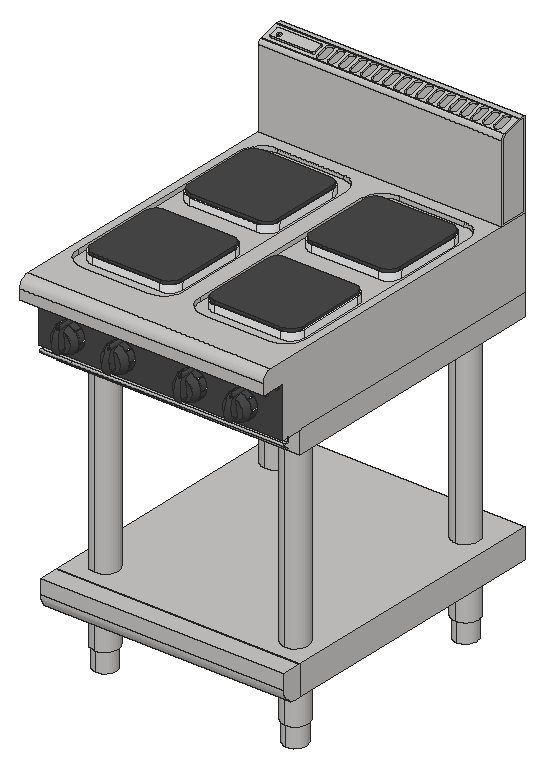
Revit family "QF_Moffat_RNB8400SE-LS_Electric_Cooktops_Sealed_Hobs_cat", category Specialty Equipment, Revit 2019
Family settings
  Round Connector Dimension = Use Diameter
  Part Type = Normal
  Work Plane-Based = No
  Always vertical = Yes
  Cut with Voids When Loaded = No
  Shared = No
  Room Calculation Point = No
Parameters
  Weight in Kilograms = 74
  Watts = 8800 W
  Volts = 400 V
  URL Cutsheet = ""
  Specification by User = ""
  Specification by Manufacturer = ""
  Show Low Back [instance] = no
  Show Logo [instance] = yes
  Show High Back [instance] = not(Show Low Back)  # yes
  Serial Number = ""
  Seismic Rating = ""
  SMACNA No = ""
  Revision Code = ""
  Phase = 2
  Number of Poles = 1
  NAFEM Spec ID Number = ""
  Model = "RNB8400SE-LS"
  Min Ckt Ampacity = 0 A
  Max Overcurrent Protection = 0 A
  Masterspec = ""
  Manufacturer = "Moffat"
  Length = 600 mm
  Item Number = ""
  Installed By = ""
  Identify Quantity as Lot = yes
  Height = 1130 mm
  HP = ""
  Furnished By = ""
  Foodservice Equipment Identifier = yes
  FL Amps = 22 A
  Electrical Remarks = ""
  Electric Connection Type = ""
  Elec Conn RI Height = 0 mm
  Elec Conn Connection Height = 0 mm
  Description = "Electric Cooktops Sealed Hobs"
  Depth = 805 mm
  Cycle = 50 Hz
  Conn Plug = ""
  Conn Conduit = yes
  CSI MasterFormat = ""
  Apparent Power = if(Phase = 3, Volts * FL Amps * 1.73, Volts * FL Amps)  # 8800 VA
Reference planes
  plane 1 "BACK": y = 0
  plane 2: z = 0
  plane 3 "LEFT": x = 0
  plane 4 "RIGHT": x = 600
  plane 5 "FRONT": y = -805
  plane 6 "TOP": z = 1130
  plane 7 "Center Y": x = 300
  plane 8 "Center X": y = -402.5
Dimensions and locks
  equal spacing: plane 3 "LEFT", plane 7 "Center Y", plane 4 "RIGHT"
  "Length": plane 3 "LEFT" to plane 4 "RIGHT"
  equal spacing: plane 5 "FRONT", plane 8 "Center X", plane 1 "BACK"
  "Depth": plane 5 "FRONT" to plane 1 "BACK"
  "Height": plane 6 "TOP" to level
  aligned and locked: level to plane 2
Nested families
  nested 1: "RN8400SE-LS" at (0, 0, 0), type "E514S-LS"
  nested 2: "High and Low Option" at (0, 0, 0), High Back <- "Show High Back", Low Back <- "Show Low Back", Show Logo <- "Show Logo", type "RNLB8610SE"
    with Show Logo 2 yes, Show Logo 1 no, Show Logo yes, Low Back no, High Back yes
Connectors
  electrical at (470, -30, 675), driven by "Volts", driven by "Watts"
    settings: on nested 1, index 1, voltage 400 V, apparent load 8800 VA, apparent load phase1 0 VA, apparent load phase2 0 VA, apparent load phase3 0 VA, power factor 1, load classification "Other", number of poles 1, system type 30, power factor state 1, is connector primary yes, connector utility no, sub classification motor no, connector description "ELECTRICAL CONNECTION"
Definition of nested family "RN8400SE-LS"
  Parameters (values of type "E514S-LS")
    Weight in Kilograms = 110
    URL Cutsheet = ""
    Specification by User = ""
    Specification by Manufacturer = ""
    Serial Number = ""
    Seismic Rating = ""
    SMACNA No = ""
    Revision Code = ""
    NAFEM Spec ID Number = ""
    Model = "RN8400SE-LS"
    Masterspec = ""
    Manufacturer = "Moffat"
    Length = 600 mm
    Item Number = ""
    Installed By = ""
    Identify Quantity as Lot = yes
    Height = 915 mm
    Furnished By = ""
    Foodservice Equipment Identifier = yes
    Description = "Electric Cooktops Sealed Hobs"
    Depth = 805 mm
    CSI MasterFormat = ""
  Reference planes
    plane 1 "BACK": y = 0
    plane 2: z = 0
    plane 3 "LEFT": x = 0
    plane 4 "RIGHT": x = 600
    plane 5 "FRONT": y = -805
    plane 6 "TOP": z = 915
    plane 7 "Center Y": x = 300
    plane 8 "Center X": y = -402.5
    plane 9: x = 65.5
    plane 10: x = 87.5
    plane 11: x = 211.766
    plane 12: y = -30
    plane 13: x = 470
    plane 14: x = 512.5
    plane 15: x = 388.234
    plane 16: x = 534.5
    plane 17: z = 150
    plane 18: y = -100
    plane 19: y = -625
  Forms (mm)
    Extrusion 1, solid
      sketch origin (0, 0, 600) x (0, 1, 0) y (0, 0, 1)
        loop
          line (0, 140) -> (0, 315) -> (-781, 315)
          arc (-781, 315) -> (-797.971, 307.971) -> (-805, 291) r 24
          line (-805, 291) -> (-805, 266) -> (-746.031, 266) -> (-746.031, 140) -> (0, 140)
      from 0 to 600
    Extrusion 2, void
      sketch origin (0, -773.8, 915) x (0, 1, 0) y (-1, 0, 0)
        loop
          arc (673.6, -69) -> (658.955, -33.645) -> (623.6, -19) r 50
          line (623.6, -19) -> (123.399, -19)
          arc (123.399, -19) -> (88.044, -33.645) -> (73.399, -69) r 50
          line (73.399, -69) -> (73.399, -231)
          arc (73.399, -231) -> (88.044, -266.355) -> (123.399, -281) r 50
          line (123.399, -281) -> (623.6, -281)
          arc (623.6, -281) -> (658.955, -266.355) -> (673.6, -231) r 50
          line (673.6, -231) -> (673.6, -69)
        loop
          line (673.6, -531) -> (673.6, -369)
          arc (673.6, -369) -> (658.955, -333.645) -> (623.6, -319) r 50
          line (623.6, -319) -> (123.399, -319)
          arc (123.399, -319) -> (88.044, -333.645) -> (73.399, -369) r 50
          line (73.399, -369) -> (73.399, -531)
          arc (73.399, -531) -> (88.044, -566.355) -> (123.399, -581) r 50
          line (123.399, -581) -> (623.6, -581)
          arc (623.6, -581) -> (658.955, -566.355) -> (673.6, -531) r 50
      from 0 to -9.5
    Extrusion 3, solid
      sketch origin (0, -773.8, 905.5) x (0, 1, 0) y (-1, 0, 0)
        loop
          arc (635.254, -68) -> (625.881, -45.373) -> (603.254, -36) r 32
          line (603.254, -36) -> (440.337, -36)
          arc (440.337, -36) -> (417.71, -45.373) -> (408.337, -68) r 32
          line (408.337, -68) -> (408.337, -232)
          arc (408.337, -232) -> (417.71, -254.627) -> (440.337, -264) r 32
          line (440.337, -264) -> (603.254, -264)
          arc (603.254, -264) -> (625.881, -254.627) -> (635.254, -232) r 32
          line (635.254, -232) -> (635.254, -68)
        loop
          arc (335.297, -68) -> (325.925, -45.373) -> (303.297, -36) r 32
          line (303.297, -36) -> (140.362, -36)
          arc (140.362, -36) -> (117.734, -45.373) -> (108.362, -68) r 32
          line (108.362, -68) -> (108.362, -232)
          arc (108.362, -232) -> (117.734, -254.627) -> (140.362, -264) r 32
          line (140.362, -264) -> (303.297, -264)
          arc (303.297, -264) -> (325.925, -254.627) -> (335.297, -232) r 32
          line (335.297, -232) -> (335.297, -68)
        loop
          arc (635.246, -368) -> (625.874, -345.373) -> (603.246, -336) r 32
          line (603.246, -336) -> (440.353, -336)
          arc (440.353, -336) -> (417.725, -345.373) -> (408.353, -368) r 32
          line (408.353, -368) -> (408.353, -532)
          arc (408.353, -532) -> (417.725, -554.627) -> (440.353, -564) r 32
          line (440.353, -564) -> (603.246, -564)
          arc (603.246, -564) -> (625.874, -554.627) -> (635.246, -532) r 32
          line (635.246, -532) -> (635.246, -368)
        loop
          arc (335.297, -368) -> (325.925, -345.373) -> (303.297, -336) r 32
          line (303.297, -336) -> (140.362, -336)
          arc (140.362, -336) -> (117.734, -345.373) -> (108.362, -368) r 32
          line (108.362, -368) -> (108.362, -532)
          arc (108.362, -532) -> (117.734, -554.627) -> (140.362, -564) r 32
          line (140.362, -564) -> (303.297, -564)
          arc (303.297, -564) -> (325.925, -554.627) -> (335.297, -532) r 32
          line (335.297, -532) -> (335.297, -368)
      from 0 to 17.8
    Extrusion 4, solid
      sketch origin (0, -773.8, 923.3) x (0, 1, 0) y (-1, 0, 0)
        loop
          arc (631.8, -67) -> (623.892, -47.908) -> (604.8, -40) r 27
          line (604.8, -40) -> (438.8, -40)
          arc (438.8, -40) -> (419.708, -47.908) -> (411.8, -67) r 27
          line (411.8, -67) -> (411.8, -233)
          arc (411.8, -233) -> (419.708, -252.092) -> (438.8, -260) r 27
          line (438.8, -260) -> (604.8, -260)
          arc (604.8, -260) -> (623.892, -252.092) -> (631.8, -233) r 27
          line (631.8, -233) -> (631.8, -67)
        loop
          arc (331.8, -67) -> (323.892, -47.908) -> (304.8, -40) r 27
          line (304.8, -40) -> (138.8, -40)
          arc (138.8, -40) -> (119.708, -47.908) -> (111.8, -67) r 27
          line (111.8, -67) -> (111.8, -233)
          arc (111.8, -233) -> (119.708, -252.092) -> (138.8, -260) r 27
          line (138.8, -260) -> (304.8, -260)
          arc (304.8, -260) -> (323.892, -252.092) -> (331.8, -233) r 27
          line (331.8, -233) -> (331.8, -67)
        loop
          line (631.8, -533) -> (631.8, -367)
          arc (631.8, -367) -> (623.892, -347.908) -> (604.8, -340) r 27
          line (604.8, -340) -> (438.8, -340)
          arc (438.8, -340) -> (419.708, -347.908) -> (411.8, -367) r 27
          line (411.8, -367) -> (411.8, -533)
          arc (411.8, -533) -> (419.708, -552.092) -> (438.8, -560) r 27
          line (438.8, -560) -> (604.8, -560)
          arc (604.8, -560) -> (623.892, -552.092) -> (631.8, -533) r 27
        loop
          line (331.8, -533) -> (331.8, -367)
          arc (331.8, -367) -> (323.892, -347.908) -> (304.8, -340) r 27
          line (304.8, -340) -> (138.8, -340)
          arc (138.8, -340) -> (119.708, -347.908) -> (111.8, -367) r 27
          line (111.8, -367) -> (111.8, -533)
          arc (111.8, -533) -> (119.708, -552.092) -> (138.8, -560) r 27
          line (138.8, -560) -> (304.8, -560)
          arc (304.8, -560) -> (323.892, -552.092) -> (331.8, -533) r 27
      from 0 to 6.1
    Extrusion 5, solid
      sketch origin (0, 0, 600) x (0, 1, 0) y (0, 0, 1)
        loop
          line (-691.8, 85) -> (0, 85) -> (0, 140) -> (-691.8, 140) -> (-691.8, 85)
      from 0 to 600
    Extrusion 6, solid
      sketch origin (0, 0, 600) x (0, 1, 0) y (0, 0, 1)
        loop
          line (-730.6, 140) -> (-730.6, 130) -> (-740.105, 130)
          arc (-740.105, 130) -> (-743.076, 128.015) -> (-742.379, 124.511) r 3.215
          line (-742.379, 124.511) -> (-731.85, 113.982) -> (-730.719, 115.113) -> (-741.247, 125.642)
          arc (-741.247, 125.642) -> (-741.597, 127.403) -> (-740.105, 128.4) r 1.615
          line (-740.105, 128.4) -> (-729, 128.4) -> (-729, 140) -> (-730.6, 140)
      from 0 to 600
    Extrusion 7, solid
      sketch origin (300, 175.397, 1819.2) x (0, 1, 0) y (0, 0, 1)
        loop
          line (-867.197, -1109.2) -> (-889.234, -1109.2)
          arc (-889.234, -1109.2) -> (-890.834, -1110.8) -> (-889.234, -1112.4) r 1.6
          line (-889.234, -1112.4) -> (-867.197, -1112.4) -> (-867.197, -1109.2)
      from -250 to 250
    Extrusion 8, solid
      sketch origin (0, -746.031, 730) x (0, 0, 1) y (-1, 0, 0)
        loop
          circle (101.3, -432.5) r 7.15
        loop
          circle (101.3, -557.5) r 7.15
        loop
          circle (101.3, -131.766) r 7.15
        loop
          circle (101.3, -256.766) r 7.15
      from 0 to 1.6
    Extrusion 9, solid
      sketch origin (0, -746.031, 740) x (0, 0, 1) y (-1, 0, 0)
        loop
          circle (113.843, -13.157) r 5
        loop
          circle (113.843, -586.843) r 5
      from 0 to 1.6
    Extrusion 10, solid
      sketch origin (-6096, 287.266, 675) x (0, 1, 0) y (-1, 0, 0)
        loop
          circle (-317.266, -6566) r 6.35
      from 10 to 0
    Extrusion 11, solid
      sketch origin (0, 0, 0) x (0, 1, 0) y (0, 0, 1)
        loop
          line (-741.8, 222.5) -> (-741.8, 186)
          arc (-741.8, 186) -> (-731.256, 160.544) -> (-705.8, 150) r 36
          line (-705.8, 150) -> (-691.8, 150) -> (-691.8, 222.5) -> (-741.8, 222.5)
      from 0 to 600
    Revolve 12, solid
      sketch origin (65.5, -4572, -304.8) x (0, 0, -1) y (0, -1, 0)
        loop
          line (-304.8, -3947) -> (-989.8, -3947) -> (-989.8, -3978.75) -> (-354.8, -3978.75) -> (-354.8, -3974.5) -> (-304.8, -3974.5) -> (-304.8, -3947)
        axis (-989.8, -3947) -> (-304.8, -3947)
      angle from 0 to 360
    Revolve 13, solid
      sketch origin (534.5, -4572, -304.8) x (0, 0, -1) y (0, 1, 0)
        loop
          line (-304.8, 3947) -> (-304.8, 3974.5) -> (-354.8, 3974.5) -> (-354.8, 3978.75) -> (-989.8, 3978.75) -> (-989.8, 3947) -> (-304.8, 3947)
        axis (-989.8, 3947) -> (-304.8, 3947)
      angle from 0 to 360
    Extrusion 14, solid
      sketch origin (0, 0, 0) x (0, 1, 0) y (0, 0, 1)
        loop
          line (-691.8, 222.5) -> (-691.8, 150) -> (0, 150) -> (0, 222.5) -> (-691.8, 222.5)
      from 0 to 600
    Revolve 15, solid
      sketch origin (65.5, 3847, -304.8) x (0, 0, -1) y (0, -1, 0)
        loop
          line (-304.8, 3947) -> (-304.8, 3974.5) -> (-354.8, 3974.5) -> (-354.8, 3978.75) -> (-989.8, 3978.75) -> (-989.8, 3947) -> (-304.8, 3947)
        axis (-989.8, 3947) -> (-304.8, 3947)
      angle from 0 to 360
    Revolve 16, solid
      sketch origin (534.5, 3847, -304.8) x (0, 0, -1) y (0, 1, 0)
        loop
          line (-304.8, -3947) -> (-989.8, -3947) -> (-989.8, -3978.75) -> (-354.8, -3978.75) -> (-354.8, -3974.5) -> (-304.8, -3974.5) -> (-304.8, -3947)
        axis (-989.8, -3947) -> (-304.8, -3947)
      angle from 0 to 360
  Cuts and joins
    Extrusion 2 cuts Extrusion 1
    joined: Extrusion 5, Extrusion 11
    joined: Revolve 12, Revolve 13, Extrusion 14, Revolve 15, Revolve 16
  Lines and regions (mm)
    symbolic lines
      curve 1: line (0, 0, 0) -> (600, 0, 0)
      curve 2: line (0, -805, 0) -> (0, 0, 0)
      curve 3: line (600, -805, 0) -> (0, -805, 0)
      curve 4: line (600, 0, 0) -> (600, -805, 0)
      curve 5: arc (69, -700.401, 0) -> (33.645, -685.756, 0) -> (19, -650.401, 0) r 50
      curve 6: line (19, -650.401, 0) -> (19, -150.2, 0)
      curve 7: arc (19, -150.2, 0) -> (33.645, -114.845, 0) -> (69, -100.2, 0) r 50
      curve 8: line (69, -100.2, 0) -> (231, -100.2, 0)
      curve 9: arc (231, -100.2, 0) -> (266.355, -114.845, 0) -> (281, -150.2, 0) r 50
      curve 10: line (281, -150.2, 0) -> (281, -650.401, 0)
      curve 11: arc (281, -650.401, 0) -> (266.355, -685.756, 0) -> (231, -700.401, 0) r 50
      curve 12: line (231, -700.401, 0) -> (69, -700.401, 0)
      curve 13: arc (369, -700.401, 0) -> (333.645, -685.756, 0) -> (319, -650.401, 0) r 50
      curve 14: line (319, -650.401, 0) -> (319, -150.2, 0)
      curve 15: arc (319, -150.2, 0) -> (333.645, -114.845, 0) -> (369, -100.2, 0) r 50
      curve 16: line (369, -100.2, 0) -> (531, -100.2, 0)
      curve 17: arc (531, -100.2, 0) -> (566.355, -114.845, 0) -> (581, -150.2, 0) r 50
      curve 18: line (581, -150.2, 0) -> (581, -650.401, 0)
      curve 19: arc (581, -650.401, 0) -> (566.355, -685.756, 0) -> (531, -700.401, 0) r 50
      curve 20: line (531, -700.401, 0) -> (369, -700.401, 0)
      curve 21: arc (232, -665.438, 0) -> (254.627, -656.066, 0) -> (264, -633.438, 0) r 32
      curve 22: line (264, -633.438, 0) -> (264, -470.503, 0)
      curve 23: arc (264, -470.503, 0) -> (254.627, -447.875, 0) -> (232, -438.503, 0) r 32
      curve 24: line (232, -438.503, 0) -> (68, -438.503, 0)
      curve 25: arc (68, -438.503, 0) -> (45.373, -447.875, 0) -> (36, -470.503, 0) r 32
      curve 26: line (36, -470.503, 0) -> (36, -633.438, 0)
      curve 27: arc (36, -633.438, 0) -> (45.373, -656.066, 0) -> (68, -665.438, 0) r 32
      curve 28: line (68, -665.438, 0) -> (232, -665.438, 0)
      curve 29: arc (233, -662, 0) -> (252.092, -654.092, 0) -> (260, -635, 0) r 27
      curve 30: line (260, -635, 0) -> (260, -469, 0)
      curve 31: arc (260, -469, 0) -> (252.092, -449.908, 0) -> (233, -442, 0) r 27
      curve 32: line (233, -442, 0) -> (67, -442, 0)
      curve 33: arc (67, -442, 0) -> (47.908, -449.908, 0) -> (40, -469, 0) r 27
      curve 34: line (40, -469, 0) -> (40, -635, 0)
      curve 35: arc (40, -635, 0) -> (47.908, -654.092, 0) -> (67, -662, 0) r 27
      curve 36: line (67, -662, 0) -> (233, -662, 0)
      curve 37: arc (336, -633.438, 0) -> (345.373, -656.066, 0) -> (368, -665.438, 0) r 32
      curve 38: line (368, -665.438, 0) -> (532, -665.438, 0)
      curve 39: arc (532, -665.438, 0) -> (554.627, -656.066, 0) -> (564, -633.438, 0) r 32
      curve 40: line (564, -633.438, 0) -> (564, -470.503, 0)
      curve 41: arc (564, -470.503, 0) -> (554.627, -447.875, 0) -> (532, -438.503, 0) r 32
      curve 42: line (532, -438.503, 0) -> (368, -438.503, 0)
      curve 43: arc (368, -438.503, 0) -> (345.373, -447.875, 0) -> (336, -470.503, 0) r 32
      curve 44: line (336, -470.503, 0) -> (336, -633.438, 0)
      curve 45: arc (340, -635, 0) -> (347.908, -654.092, 0) -> (367, -662, 0) r 27
      curve 46: line (367, -662, 0) -> (533, -662, 0)
      curve 47: arc (533, -662, 0) -> (552.092, -654.092, 0) -> (560, -635, 0) r 27
      curve 48: line (560, -635, 0) -> (560, -469, 0)
      curve 49: arc (560, -469, 0) -> (552.092, -449.908, 0) -> (533, -442, 0) r 27
      curve 50: line (533, -442, 0) -> (367, -442, 0)
      curve 51: arc (367, -442, 0) -> (347.908, -449.908, 0) -> (340, -469, 0) r 27
      curve 52: line (340, -469, 0) -> (340, -635, 0)
      curve 53: arc (340, -335, 0) -> (347.908, -354.092, 0) -> (367, -362, 0) r 27
      curve 54: line (367, -362, 0) -> (533, -362, 0)
      curve 55: arc (533, -362, 0) -> (552.092, -354.092, 0) -> (560, -335, 0) r 27
      curve 56: line (560, -335, 0) -> (560, -169, 0)
      curve 57: arc (560, -169, 0) -> (552.092, -149.908, 0) -> (533, -142, 0) r 27
      curve 58: line (533, -142, 0) -> (367, -142, 0)
      curve 59: arc (367, -142, 0) -> (347.908, -149.908, 0) -> (340, -169, 0) r 27
      curve 60: line (340, -169, 0) -> (340, -335, 0)
      curve 61: arc (336, -333.447, 0) -> (345.373, -356.075, 0) -> (368, -365.447, 0) r 32
      curve 62: line (368, -365.447, 0) -> (532, -365.447, 0)
      curve 63: arc (532, -365.447, 0) -> (554.627, -356.075, 0) -> (564, -333.447, 0) r 32
      curve 64: line (564, -333.447, 0) -> (564, -170.554, 0)
      curve 65: arc (564, -170.554, 0) -> (554.627, -147.926, 0) -> (532, -138.554, 0) r 32
      curve 66: line (532, -138.554, 0) -> (368, -138.554, 0)
      curve 67: arc (368, -138.554, 0) -> (345.373, -147.926, 0) -> (336, -170.554, 0) r 32
      curve 68: line (336, -170.554, 0) -> (336, -333.447, 0)
      curve 69: arc (232, -365.463, 0) -> (254.627, -356.09, 0) -> (264, -333.463, 0) r 32
      curve 70: line (264, -333.463, 0) -> (264, -170.546, 0)
      curve 71: arc (264, -170.546, 0) -> (254.627, -147.919, 0) -> (232, -138.546, 0) r 32
      curve 72: line (232, -138.546, 0) -> (68, -138.546, 0)
      curve 73: arc (68, -138.546, 0) -> (45.373, -147.919, 0) -> (36, -170.546, 0) r 32
      curve 74: line (36, -170.546, 0) -> (36, -333.463, 0)
      curve 75: arc (36, -333.463, 0) -> (45.373, -356.09, 0) -> (68, -365.463, 0) r 32
      curve 76: line (68, -365.463, 0) -> (232, -365.463, 0)
      curve 77: arc (233, -362, 0) -> (252.092, -354.092, 0) -> (260, -335, 0) r 27
      curve 78: line (260, -335, 0) -> (260, -169, 0)
      curve 79: arc (260, -169, 0) -> (252.092, -149.908, 0) -> (233, -142, 0) r 27
      curve 80: line (233, -142, 0) -> (67, -142, 0)
      curve 81: arc (67, -142, 0) -> (47.908, -149.908, 0) -> (40, -169, 0) r 27
      curve 82: line (40, -169, 0) -> (40, -335, 0)
      curve 83: arc (40, -335, 0) -> (47.908, -354.092, 0) -> (67, -362, 0) r 27
      curve 84: line (67, -362, 0) -> (233, -362, 0)
  Dimensions and locks
    equal spacing: plane 3 "LEFT", plane 7 "Center Y", plane 4 "RIGHT"
    "Length": plane 3 "LEFT" to plane 4 "RIGHT"
    equal spacing: plane 5 "FRONT", plane 8 "Center X", plane 1 "BACK"
    "Depth": plane 5 "FRONT" to plane 1 "BACK"
    plane 4 "RIGHT" to plane 3 "LEFT" = 600 mm
    plane 1 "BACK" to plane 5 "FRONT" = 805 mm
    plane 6 "TOP" to plane 2 = 915 mm
    cut or joined group of Extrusion 1, Extrusion 2 to plane 2 = 915 mm
    plane 13 to plane 4 "RIGHT" = 130 mm
    plane 9 to plane 16 = 469 mm
    plane 17 to plane 2 = 150 mm
    plane 1 "BACK" to plane 18 = 100 mm
    plane 18 to plane 19 = 525 mm
    plane 1 "BACK" to plane 12 = 30 mm
    "Height": plane 6 "TOP" to level
    aligned and locked: level to plane 2
  Automatic sketch dimensions
    Extrusion 1 to Extrusion 2 sketch curve = 19 mm
    Extrusion 2 sketch curve to Extrusion 2 sketch curve = 50 mm  (x6)
    Extrusion 2 sketch curve to Extrusion 2 sketch curve = 0 mm  (x2)
    Extrusion 2 sketch curve to Extrusion 2 sketch curve = 162 mm
    Extrusion 2 sketch curve to Extrusion 2 sketch curve = 38 mm
    Extrusion 1 to Extrusion 2 sketch curve = 69 mm
    Extrusion 3 sketch curve to Extrusion 2 = 34.962 mm  (x2)
    Extrusion 3 sketch curve to Extrusion 3 sketch curve = 32 mm  (x13)
    Extrusion 3 sketch curve to Extrusion 2 = 17 mm  (x6)
    Extrusion 3 sketch curve to Extrusion 2 = 49 mm  (x3)
    Extrusion 3 sketch curve to Extrusion 3 sketch curve = 162.936 mm  (x2)
    Extrusion 3 sketch curve to Extrusion 3 sketch curve = 73.04 mm
    Extrusion 3 sketch curve to Extrusion 3 sketch curve = 73.055 mm
    Extrusion 3 sketch curve to Extrusion 2 = 70.346 mm  (x2)
    Extrusion 3 sketch curve to Extrusion 2 = 70.354 mm  (x2)
    Extrusion 4 sketch curve to Extrusion 3 = 3.438 mm  (x2)
    Extrusion 4 sketch curve to Extrusion 4 sketch curve = 27 mm  (x6)
    Extrusion 4 sketch curve to Extrusion 3 = 4 mm  (x7)
    Extrusion 4 sketch curve to Extrusion 3 = 30.438 mm
    Extrusion 4 sketch curve to Extrusion 3 = 30.497 mm  (x4)
    Extrusion 4 sketch curve to Extrusion 3 = 3.497 mm  (x2)
    Extrusion 4 sketch curve to Extrusion 3 = 3.463 mm  (x2)
    Extrusion 4 sketch curve to Extrusion 3 = 30.463 mm
    Extrusion 4 sketch curve to Extrusion 3 = 30.454 mm  (x4)
    Extrusion 4 sketch curve to Extrusion 3 = 3.454 mm  (x2)
    Extrusion 4 sketch curve to Extrusion 3 = 31 mm
    Extrusion 5 sketch curve to plane 1 "BACK" = 0 mm
    plane 19 to Extrusion 5 sketch curve = 66.8 mm
    Extrusion 5 sketch curve to Extrusion 5 sketch curve = 55 mm
    Extrusion 6 sketch curve to Extrusion 6 sketch curve = 0 mm  (x3)
    Extrusion 6 sketch curve to plane 5 "FRONT" = 62.621 mm
    Extrusion 6 sketch curve to Extrusion 6 sketch curve = 1.131 mm  (x3)
    Extrusion 6 sketch curve to Extrusion 6 sketch curve = 1.142 mm  (x2)
    Extrusion 6 sketch curve to Extrusion 6 sketch curve = 10.529 mm
    Extrusion 6 sketch curve to Extrusion 6 sketch curve = 9.505 mm
    Extrusion 6 sketch curve to Extrusion 6 sketch curve = 1.6 mm
    Extrusion 6 sketch curve to Extrusion 6 sketch curve = 10 mm
    Extrusion 7 sketch curve to plane 5 "FRONT" = 91.163 mm
    Extrusion 7 sketch curve to Extrusion 7 sketch curve = 22.037 mm
    Extrusion 7 sketch curve to Extrusion 7 sketch curve = 1.6 mm
    Extrusion 1 to Extrusion 8 sketch curve = 34.7 mm  (x4)
    Extrusion 1 to Extrusion 8 sketch curve = 42.5 mm
    Extrusion 8 sketch curve to Extrusion 8 sketch curve = 125 mm  (x2)
    Extrusion 8 sketch curve to Extrusion 8 sketch curve = 175.734 mm
    Extrusion 1 to Extrusion 9 sketch curve = 12.157 mm  (x2)
    Extrusion 1 to Extrusion 9 sketch curve = 13.157 mm  (x2)
    plane 12 to Extrusion 10 sketch curve = 0 mm
    Extrusion 10 sketch curve to plane 13 = 0 mm
    Revolve 12 sketch curve to plane 19 = 0 mm  (x2)
    Revolve 12 sketch curve to level = 0 mm  (x2)
    Revolve 12 sketch curve to Revolve 12 sketch curve = 50 mm
    Revolve 12 sketch curve to plane 19 = 27.5 mm
    Revolve 12 sketch curve to Revolve 12 sketch curve = 31.75 mm
    Revolve 12 sketch curve to Revolve 12 sketch curve = 35 mm
    Revolve 13 sketch curve to plane 19 = 0 mm  (x2)
    Revolve 13 sketch curve to level = 0 mm  (x2)
    level to Revolve 13 sketch curve = 50 mm
    Revolve 13 sketch curve to Revolve 13 sketch curve = 27.5 mm
    Revolve 13 sketch curve to Revolve 13 sketch curve = 31.75 mm
    Revolve 13 sketch curve to Revolve 13 sketch curve = 35 mm
    Extrusion 14 sketch curve to plane 17 = 0 mm
    Extrusion 14 sketch curve to plane 1 "BACK" = 0 mm
    plane 19 to Extrusion 14 sketch curve = 66.8 mm
    Extrusion 14 sketch curve to Extrusion 14 sketch curve = 72.5 mm
    Revolve 15 sketch curve to level = 0 mm  (x2)
    Revolve 15 sketch curve to Revolve 15 sketch curve = 50 mm
    plane 18 to Revolve 15 sketch curve = 0 mm
    Revolve 15 sketch curve to Revolve 15 sketch curve = 27.5 mm
    Revolve 15 sketch curve to Revolve 15 sketch curve = 31.75 mm
    Revolve 15 sketch curve to level = 35 mm
    Revolve 15 sketch curve to Revolve 15 sketch curve = 0 mm
    Revolve 16 sketch curve to level = 0 mm  (x2)
    Revolve 16 sketch curve to Revolve 16 sketch curve = 50 mm
    plane 18 to Revolve 16 sketch curve = 31.75 mm
    Revolve 16 sketch curve to Revolve 16 sketch curve = 4.25 mm
    Revolve 16 sketch curve to Revolve 16 sketch curve = 27.5 mm
    Revolve 16 sketch curve to level = 35 mm
    Revolve 16 sketch curve to Revolve 16 sketch curve = 0 mm
    Extrusion 11 sketch curve to plane 17 = 0 mm
    Extrusion 11 sketch curve to plane 5 "FRONT" = 63.2 mm
    Extrusion 11 sketch curve to Extrusion 11 sketch curve = 14 mm
    Extrusion 11 sketch curve to Extrusion 11 sketch curve = 36 mm
    Extrusion 11 sketch curve to Extrusion 11 sketch curve = 36.5 mm
    Extrusion 2 sketch curve to Extrusion 1 = 130.599 mm
    Extrusion 1 sketch curve to plane 5 "FRONT" = 0 mm
    Extrusion 1 sketch curve to plane 1 "BACK" = 0 mm
    Extrusion 1 sketch curve to plane 5 "FRONT" = 24 mm
    Extrusion 1 sketch curve to plane 5 "FRONT" = 58.969 mm
    Extrusion 1 sketch curve to Extrusion 1 sketch curve = 25 mm
    plane 1 "BACK" to curve 1 = 0 mm
    curve 1 to plane 3 "LEFT" = 0 mm
    curve 4 to plane 4 "RIGHT" = 0 mm
    plane 5 "FRONT" to curve 3 = 0 mm
    plane 3 "LEFT" to curve 6 = 19 mm
    plane 9 to curve 26 = 29.5 mm
    plane 9 to curve 74 = 29.5 mm
    curve 25 to curve 34 = 4 mm
    curve 75 to curve 82 = 4 mm
    curve 83 to plane 9 = 1.5 mm
    curve 32 to plane 9 = 1.5 mm
    curve 36 to plane 9 = 1.5 mm
    curve 81 to plane 9 = 1.5 mm
    curve 72 to plane 9 = 2.5 mm
    curve 28 to plane 9 = 2.5 mm
    curve 76 to plane 9 = 2.5 mm
    curve 33 to curve 25 = 1 mm
    plane 18 to curve 8 = 0.2 mm
    curve 8 to plane 9 = 3.5 mm
    curve 5 to plane 9 = 3.5 mm
    plane 11 to curve 9 = 19.234 mm
    plane 11 to curve 11 = 19.234 mm
    plane 11 to curve 76 = 20.234 mm
    plane 11 to curve 24 = 20.234 mm
    plane 19 to curve 21 = 8.438 mm
    curve 11 to curve 21 = 1 mm
    curve 9 to curve 72 = 1 mm
    curve 69 to curve 77 = 1 mm
    curve 23 to curve 31 = 1 mm
    curve 71 to curve 79 = 1 mm
    curve 21 to curve 36 = 1 mm
    curve 79 to curve 78 = 27 mm
    curve 31 to curve 30 = 27 mm
    curve 78 to curve 70 = 4 mm
    curve 30 to curve 22 = 4 mm
    curve 10 to plane 7 "Center Y" = 19 mm
    plane 7 "Center Y" to curve 14 = 19 mm
    plane 19 to curve 44 = 8.438 mm
    curve 14 to curve 44 = 17 mm
    curve 15 to curve 68 = 17 mm
    curve 61 to curve 60 = 4 mm
    curve 44 to curve 52 = 4 mm
    plane 19 to curve 45 = 10 mm
    plane 15 to curve 45 = 21.234 mm
    plane 15 to curve 50 = 21.234 mm
    plane 15 to curve 58 = 21.234 mm
    plane 15 to curve 53 = 21.234 mm
    curve 54 to curve 62 = 1 mm
    curve 51 to curve 43 = 1 mm
    curve 45 to curve 37 = 1 mm
    curve 58 to curve 66 = 1 mm
    plane 15 to curve 20 = 19.234 mm
    curve 59 to curve 15 = 2 mm
    curve 19 to plane 16 = 3.5 mm
    curve 17 to plane 16 = 3.5 mm
    curve 66 to plane 16 = 2.5 mm
    curve 38 to plane 16 = 2.5 mm
    curve 41 to plane 16 = 2.5 mm
    curve 63 to plane 16 = 2.5 mm
    curve 57 to plane 16 = 1.5 mm
    curve 46 to plane 16 = 1.5 mm
    curve 55 to plane 16 = 1.5 mm
    curve 50 to plane 16 = 1.5 mm
    plane 19 to curve 48 = 10 mm
    plane 16 to curve 56 = 25.5 mm
    curve 48 to curve 40 = 4 mm
    curve 55 to curve 64 = 4 mm
    plane 4 "RIGHT" to curve 18 = 19 mm
    curve 12 to curve 28 = 34.962 mm
    curve 20 to curve 39 = 34.962 mm
    curve 21 to curve 36 = 3.438 mm
    curve 23 to plane 8 "Center X" = 68.003 mm
    curve 25 to curve 34 = 1.503 mm
    curve 43 to plane 8 "Center X" = 68.003 mm
    curve 40 to curve 48 = 1.503 mm
    plane 8 "Center X" to curve 76 = 37.037 mm
    plane 8 "Center X" to curve 62 = 37.053 mm
    curve 76 to curve 84 = 3.463 mm
    curve 61 to curve 54 = 3.447 mm
    plane 18 to curve 65 = 70.554 mm
    curve 73 to curve 7 = 20.346 mm
    curve 67 to curve 60 = 1.554 mm
    curve 73 to curve 82 = 1.546 mm
    curve 64 to curve 18 = 20.354 mm
    Extrusion 1 to Extrusion 2 sketch curve = 150.2 mm  (x3)
    Extrusion 1 sketch curve to Extrusion 1 sketch curve = 126 mm
    Extrusion 1 sketch curve to plane 6 "TOP" = 0 mm
    Extrusion 5 sketch curve to plane 6 "TOP" = 230 mm
    Extrusion 6 sketch curve to plane 6 "TOP" = 201.018 mm
    Extrusion 7 sketch curve to plane 6 "TOP" = 208.2 mm
    Revolve 12 sketch curve to plane 6 "TOP" = 230 mm
    Revolve 13 sketch curve to plane 6 "TOP" = 230 mm
    Revolve 15 sketch curve to plane 6 "TOP" = 230 mm
    Revolve 16 sketch curve to plane 6 "TOP" = 230 mm
    radius of Extrusion 8 sketch curve = 7.15 mm  (x4)
    radius of Extrusion 9 sketch curve = 5 mm  (x2)
    radius of Extrusion 10 sketch curve = 6.35 mm
  Nested families
    nested 1: "Knob" at (55.003, -746.031, 764.502), type "Knob"
    nested 2: "Knob" at (179.269, -746.031, 764.502), type "Knob"
    nested 3: "Knob" at (355.738, -746.031, 764.502), type "Knob"
    nested 4: "Knob" at (480.003, -746.031, 764.502), type "Knob"
  Definition of nested family "Knob"
    Parameters (values of type "Knob")
      Weight in Pounds = 0
      URL Cutsheet = ""
      Specification by User = ""
      Specification by Manufacturer = ""
      Serial Number = ""
      Seismic Rating = ""
      SMACNA No = ""
      Revision Code = ""
      NAFEM Spec ID Number = ""
      Masterspec = ""
      Length = 65 mm
      Item Number = ""
      Installed By = ""
      Identify Quantity as Lot = yes
      Height = 69.5 mm
      Furnished By = ""
      Foodservice Equipment Identifier = yes
      Depth = 59 mm
      CSI MasterFormat = ""
    Reference planes
      plane 1 "BACK": y = 0
      plane 2: z = 0
      plane 3 "LEFT": x = 0
      plane 4 "RIGHT": x = 65
      plane 5 "FRONT": y = -59
      plane 6 "TOP": z = 69.5
      plane 7 "Center Y": x = 32.5
      plane 8 "Center X": y = -29.5
    Forms (mm)
      Revolve 1, solid
        sketch origin (32.5, 175.397, 1219.2) x (0, 1, 0) y (0, 0, 1)
          loop
            line (-175.397, -1186.7) -> (-219.397, -1186.7) -> (-219.397, -1211.501) -> (-202.106, -1219.2) -> (-185.397, -1219.2) -> (-185.397, -1191.7) -> (-175.397, -1191.7) -> (-175.397, -1186.7)
          axis (-219.397, -1186.7) -> (-175.397, -1186.7)
        angle from 0 to 360
      Extrusion 2, solid
        sketch origin (32.5, 175.397, 1219.2) x (0, 1, 0) y (0, 0, 1)
          loop
            line (-202.106, -1154.2) -> (-185.397, -1154.2) -> (-185.397, -1149.7) -> (-224.105, -1149.7)
            arc (-224.105, -1149.7) -> (-233.965, -1178.467) -> (-230.696, -1208.7) r 70
            line (-230.696, -1208.7) -> (-219.397, -1208.7) -> (-219.397, -1161.899) -> (-202.106, -1154.2)
        from -15 to 15
      Extrusion 3, void
        sketch origin (0, 0, 0) x (1, 0, 0) y (0, 0, 1)
          loop
            line (27.501, 64.613) -> (22.02, 20.585)
            arc (22.02, 20.585) -> (32.792, 10.488) -> (42.986, 21.169) r 10.487
            line (42.986, 21.169) -> (37.499, 64.613)
            arc (37.499, 64.613) -> (32.5, 69.5) -> (27.501, 64.613) r 5
          loop
            line (10, 72.977) -> (10, 5.625) -> (55, 5.625) -> (55, 72.977) -> (10, 72.977)
        from 6.142 to 69.687
      Extrusion 4, solid
        sketch origin (0, -34.115, -16.916) x (1, 0, 0) y (0, 0.45399, 0.891007)
          loop
            circle (32.497, 65) r 2
        from 51.525 to 53.075
      Extrusion 5, solid
        sketch origin (32.5, -10, 32.5) x (0, 0, -1) y (-1, 0, 0)
          loop
            line (-23.54, -22.408) -> (-24.106, -22.974)
            arc (-24.106, -22.974) -> (-23.547, -23.547) -> (-22.974, -24.106) r 33.3
            line (-22.974, -24.106) -> (-22.408, -23.54)
            arc (-22.408, -23.54) -> (-22.981, -22.981) -> (-23.54, -22.408) r 32.5
          loop
            arc (-0.8, -33.29) -> (0, -33.3) -> (0.8, -33.29) r 33.3
            line (0.8, -33.29) -> (0.8, -32.49)
            arc (0.8, -32.49) -> (0, -32.5) -> (-0.8, -32.49) r 32.5
            line (-0.8, -32.49) -> (-0.8, -33.29)
          loop
            arc (23.54, -22.408) -> (22.981, -22.981) -> (22.408, -23.54) r 32.5
            line (22.408, -23.54) -> (22.974, -24.106)
            arc (22.974, -24.106) -> (23.547, -23.547) -> (24.106, -22.974) r 33.3
            line (24.106, -22.974) -> (23.54, -22.408)
          loop
            arc (-23.54, 22.408) -> (-22.981, 22.981) -> (-22.408, 23.54) r 32.5
            line (-22.408, 23.54) -> (-22.974, 24.106)
            arc (-22.974, 24.106) -> (-23.547, 23.547) -> (-24.106, 22.974) r 33.3
            line (-24.106, 22.974) -> (-23.54, 22.408)
          loop
            line (-0.8, 33.29) -> (-0.8, 32.49)
            arc (-0.8, 32.49) -> (0, 32.5) -> (0.8, 32.49) r 32.5
            line (0.8, 32.49) -> (0.8, 33.29)
            arc (0.8, 33.29) -> (0, 33.3) -> (-0.8, 33.29) r 33.3
          loop
            line (32.49, -0.8) -> (33.29, -0.8)
            arc (33.29, -0.8) -> (33.3, 0) -> (33.29, 0.8) r 33.3
            line (33.29, 0.8) -> (32.49, 0.8)
            arc (32.49, 0.8) -> (32.5, 0) -> (32.49, -0.8) r 32.5
          loop
            arc (24.106, 22.974) -> (23.547, 23.547) -> (22.974, 24.106) r 33.3
            line (22.974, 24.106) -> (22.408, 23.54)
            arc (22.408, 23.54) -> (22.981, 22.981) -> (23.54, 22.408) r 32.5
            line (23.54, 22.408) -> (24.106, 22.974)
        from 0 to -16.709
    Cuts and joins
      Extrusion 3 cuts Extrusion 2
    Dimensions and locks
      equal spacing: plane 3 "LEFT", plane 7 "Center Y", plane 4 "RIGHT"
      "Length": plane 3 "LEFT" to plane 4 "RIGHT"
      equal spacing: plane 5 "FRONT", plane 8 "Center X", plane 1 "BACK"
      "Depth": plane 5 "FRONT" to plane 1 "BACK"
      "Height": plane 6 "TOP" to level
      plane 4 "RIGHT" to plane 3 "LEFT" = 65 mm
      aligned and locked: level to plane 2
    Automatic sketch dimensions
      Revolve 1 sketch curve to level = 0 mm
      Revolve 1 sketch curve to plane 1 "BACK" = 0 mm  (x2)
      plane 1 "BACK" to Revolve 1 sketch curve = 10 mm
      plane 8 "Center X" to Revolve 1 sketch curve = 2.791 mm
      Revolve 1 sketch curve to plane 8 "Center X" = 14.5 mm
      level to Revolve 1 sketch curve = 7.699 mm
      level to Revolve 1 sketch curve = 27.5 mm
      Revolve 1 sketch curve to Revolve 1 sketch curve = 5 mm
      Revolve 1 sketch curve to Revolve 1 sketch curve = 35 mm
      Revolve 1 sketch curve to Revolve 1 sketch curve = 0 mm
      Extrusion 2 sketch curve to plane 6 "TOP" = 0 mm
      Extrusion 2 sketch curve to plane 5 "FRONT" = 3.702 mm
      Extrusion 2 sketch curve to plane 5 "FRONT" = 10.293 mm
      Extrusion 2 sketch curve to Extrusion 2 sketch curve = 11.298 mm
      plane 8 "Center X" to Extrusion 2 sketch curve = 2.791 mm
      plane 1 "BACK" to Extrusion 2 sketch curve = 10 mm
      Extrusion 2 sketch curve to plane 1 "BACK" = 11 mm
      Extrusion 2 sketch curve to plane 6 "TOP" = 4.5 mm
      Extrusion 2 sketch curve to plane 6 "TOP" = 12.199 mm
      level to Extrusion 2 sketch curve = 32.962 mm
      level to Extrusion 3 sketch curve = 5.625 mm
      Extrusion 3 sketch curve to plane 7 "Center Y" = 0 mm  (x2)
      Extrusion 3 sketch curve to plane 7 "Center Y" = 4.999 mm
      Extrusion 3 sketch curve to plane 7 "Center Y" = 10.48 mm
      plane 6 "TOP" to Extrusion 3 sketch curve = 3.477 mm
      plane 3 "LEFT" to Extrusion 3 sketch curve = 10 mm
      Extrusion 3 sketch curve to plane 6 "TOP" = 4.887 mm
      Extrusion 3 sketch curve to Extrusion 3 sketch curve = 4.999 mm
      plane 7 "Center Y" to Extrusion 3 sketch curve = 10.486 mm
      level to Extrusion 3 sketch curve = 20.585 mm
      Extrusion 3 sketch curve to Extrusion 3 sketch curve = 0.387 mm
      Extrusion 3 sketch curve to Extrusion 3 sketch curve = 0.113 mm
      plane 4 "RIGHT" to Extrusion 3 sketch curve = 10 mm
      Extrusion 5 sketch curve to Revolve 1 = 32.49 mm
      Revolve 1 to Extrusion 5 sketch curve = 32.49 mm
      Extrusion 5 sketch curve to Revolve 1 = 23.54 mm  (x2)
      Revolve 1 to Extrusion 5 sketch curve = 23.54 mm  (x2)
      Extrusion 5 sketch curve to Revolve 1 = 24.106 mm  (x2)
      Revolve 1 to Extrusion 5 sketch curve = 24.106 mm  (x2)
      Revolve 1 to Extrusion 5 sketch curve = 22.408 mm  (x2)
      Extrusion 5 sketch curve to Revolve 1 = 22.408 mm  (x2)
      Revolve 1 to Extrusion 5 sketch curve = 22.974 mm  (x2)
      Extrusion 5 sketch curve to Revolve 1 = 22.974 mm  (x2)
      Extrusion 5 sketch curve to Extrusion 5 sketch curve = 1.6 mm  (x2)
      Revolve 1 to Extrusion 5 sketch curve = 0.8 mm
      Extrusion 5 sketch curve to Revolve 1 = 0.8 mm
      Extrusion 4 sketch curve to plane 7 "Center Y" = 0.003 mm
      radius of Extrusion 5 sketch curve to Revolve 1 = 0 mm  (x7)
      radius of Revolve 1 to Extrusion 5 sketch curve = 0.8 mm  (x7)
      radius of Extrusion 4 sketch curve = 2 mm
Definition of nested family "High and Low Option"
  Parameters (values of type "RNLB8610SE")
    Weight in Kilograms = 0
    Watts = Volts * FL Amps  # 12400 W
    Volts = 400 V
    URL Cutsheet = ""
    Specification by User = ""
    Specification by Manufacturer = ""
    Show Logo 2 [instance] = and(Show Logo, High Back)  # yes
    Show Logo 1 [instance] = and(Show Logo, Low Back)  # yes
    Show Logo [instance] = yes
    Serial Number = ""
    Seismic Rating = ""
    SMACNA No = ""
    Revision Code = ""
    Phase = 3
    Number of Poles = 1
    NAFEM Spec ID Number = ""
    Model = ""
    Min Ckt Ampacity = 0 A
    Max Overcurrent Protection = 0 A
    Masterspec = ""
    Manufacturer = ""
    Low Back [instance] = yes
    Length = 600 mm
    Item Number = ""
    Installed By = ""
    Identify Quantity as Lot = yes
    High Back [instance] = yes
    Height = 970 mm
    HP = ""
    Furnished By = ""
    Foodservice Equipment Identifier = yes
    FL Amps = 31 A
    Electrical Remarks = ""
    Electric Connection Type = ""
    Elec Conn RI Height = 0 mm
    Elec Conn Connection Height = 0 mm
    Description = ""
    Depth = 805 mm
    Cycle = 50 Hz
    Conn Plug = ""
    Conn Conduit = yes
    CSI MasterFormat = ""
    Apparent Power = if(Phase = 3, Volts * FL Amps * 1.73, Volts * FL Amps)  # 21452 VA
  Reference planes
    plane 1 "BACK": y = 0
    plane 2: z = 0
    plane 3 "LEFT": x = 0
    plane 4 "RIGHT": x = 600
    plane 5 "FRONT": y = -805
    plane 6 "TOP": z = 970
    plane 7 "Center Y": x = 300
    plane 8 "Center X": y = -402.5
    plane 9: x = 65.5
    plane 10: x = 834.5
    plane 11: z = 150
    plane 12: z = 675
    plane 13: z = 1130
    plane 14: z = 934.75
    plane 15: z = 915
  Forms (mm)
    Extrusion 1, solid, visible <- "Low Back"
      sketch origin (0, 0, 600) x (0, 1, 0) y (0, 0, 1)
        loop
          line (-70, 315) -> (0, 315) -> (0, 370) -> (-55, 370) -> (-70, 355) -> (-70, 315)
      from 0 to 600
    Extrusion 2, solid, visible <- "High Back"
      sketch origin (0, 0, 0) x (0, 1, 0) y (0, 0, 1)
        loop
          line (-70, 915) -> (0, 915) -> (0, 1130) -> (-15, 1130) -> (-14.143, 1126.8) -> (-3.2, 1126.8) -> (-3.2, 918.2) -> (-66.8, 918.2) -> (-66.8, 1105.938)
          arc (-66.8, 1105.938) -> (-64.972, 1111.307) -> (-60.248, 1114.446) r 8.8
          line (-60.248, 1114.446) -> (-61.106, 1117.646)
          arc (-61.106, 1117.646) -> (-67.52, 1113.36) -> (-70, 1106.055) r 12
          line (-70, 1106.055) -> (-70, 915)
      from 0 to 600
    Extrusion 3, solid, visible <- "High Back"
      sketch origin (0, 0, 0) x (0, 1, 0) y (0, 0, 1)
        loop
          line (-3.2, 1126.8) -> (-14.143, 1126.8) -> (-60.278, 1114.438)
          arc (-60.278, 1114.438) -> (-64.982, 1111.295) -> (-66.8, 1105.938) r 8.8
          line (-66.8, 1105.938) -> (-66.8, 918.2) -> (-3.2, 918.2) -> (-3.2, 1126.8)
      from 0 to 3.2
    Extrusion 4, solid, visible <- "High Back"
      sketch origin (600, 0, 0) x (0, 1, 0) y (0, 0, -1)
        loop
          line (-3.2, -1126.8) -> (-3.2, -918.2) -> (-66.8, -918.2) -> (-66.8, -1105.938)
          arc (-66.8, -1105.938) -> (-64.982, -1111.295) -> (-60.278, -1114.438) r 8.8
          line (-60.278, -1114.438) -> (-14.143, -1126.8) -> (-3.2, -1126.8)
      from 0 to 3.2
    Extrusion 5, solid, visible <- "High Back"
      sketch origin (0, -15, 1130) x (0, -0.965926, -0.258819) y (1, 0, 0)
        loop
          line (47.732, 600) -> (0, 600) -> (0, 0) -> (47.732, 0) -> (47.732, 600)
        loop
          arc (11.379, 149.307) -> (1.379, 139.307) -> (11.379, 129.307) r 10
          line (11.379, 129.307) -> (36.495, 129.307)
          arc (36.495, 129.307) -> (46.495, 139.307) -> (36.495, 149.307) r 10
          line (36.495, 149.307) -> (11.379, 149.307)
        loop
          arc (11.379, 176.588) -> (1.379, 166.588) -> (11.379, 156.588) r 10
          line (11.379, 156.588) -> (36.495, 156.588)
          arc (36.495, 156.588) -> (46.495, 166.588) -> (36.495, 176.588) r 10
          line (36.495, 176.588) -> (11.379, 176.588)
        loop
          arc (11.379, 203.868) -> (1.379, 193.868) -> (11.379, 183.868) r 10
          line (11.379, 183.868) -> (36.495, 183.868)
          arc (36.495, 183.868) -> (46.495, 193.868) -> (36.495, 203.868) r 10
          line (36.495, 203.868) -> (11.379, 203.868)
        loop
          arc (11.379, 231.148) -> (1.379, 221.148) -> (11.379, 211.148) r 10
          line (11.379, 211.148) -> (36.495, 211.148)
          arc (36.495, 211.148) -> (46.495, 221.148) -> (36.495, 231.148) r 10
          line (36.495, 231.148) -> (11.379, 231.148)
        loop
          arc (11.379, 258.428) -> (1.379, 248.428) -> (11.379, 238.428) r 10
          line (11.379, 238.428) -> (36.495, 238.428)
          arc (36.495, 238.428) -> (46.495, 248.428) -> (36.495, 258.428) r 10
          line (36.495, 258.428) -> (11.379, 258.428)
        loop
          arc (11.379, 285.709) -> (1.379, 275.709) -> (11.379, 265.709) r 10
          line (11.379, 265.709) -> (36.495, 265.709)
          arc (36.495, 265.709) -> (46.495, 275.709) -> (36.495, 285.709) r 10
          line (36.495, 285.709) -> (11.379, 285.709)
        loop
          arc (11.379, 312.989) -> (1.379, 302.989) -> (11.379, 292.989) r 10
          line (11.379, 292.989) -> (36.495, 292.989)
          arc (36.495, 292.989) -> (46.495, 302.989) -> (36.495, 312.989) r 10
          line (36.495, 312.989) -> (11.379, 312.989)
        loop
          arc (11.379, 340.269) -> (1.379, 330.269) -> (11.379, 320.269) r 10
          line (11.379, 320.269) -> (36.495, 320.269)
          arc (36.495, 320.269) -> (46.495, 330.269) -> (36.495, 340.269) r 10
          line (36.495, 340.269) -> (11.379, 340.269)
        loop
          arc (11.379, 367.549) -> (1.379, 357.549) -> (11.379, 347.549) r 10
          line (11.379, 347.549) -> (36.495, 347.549)
          arc (36.495, 347.549) -> (46.495, 357.549) -> (36.495, 367.549) r 10
          line (36.495, 367.549) -> (11.379, 367.549)
        loop
          arc (11.379, 394.829) -> (1.379, 384.829) -> (11.379, 374.829) r 10
          line (11.379, 374.829) -> (36.495, 374.829)
          arc (36.495, 374.829) -> (46.495, 384.829) -> (36.495, 394.829) r 10
          line (36.495, 394.829) -> (11.379, 394.829)
        loop
          arc (11.379, 422.11) -> (1.379, 412.11) -> (11.379, 402.11) r 10
          line (11.379, 402.11) -> (36.495, 402.11)
          arc (36.495, 402.11) -> (46.495, 412.11) -> (36.495, 422.11) r 10
          line (36.495, 422.11) -> (11.379, 422.11)
        loop
          arc (11.379, 449.39) -> (1.379, 439.39) -> (11.379, 429.39) r 10
          line (11.379, 429.39) -> (36.495, 429.39)
          arc (36.495, 429.39) -> (46.495, 439.39) -> (36.495, 449.39) r 10
          line (36.495, 449.39) -> (11.379, 449.39)
        loop
          arc (11.379, 476.67) -> (1.379, 466.67) -> (11.379, 456.67) r 10
          line (11.379, 456.67) -> (36.495, 456.67)
          arc (36.495, 456.67) -> (46.495, 466.67) -> (36.495, 476.67) r 10
          line (36.495, 476.67) -> (11.379, 476.67)
        loop
          arc (11.379, 503.95) -> (1.379, 493.95) -> (11.379, 483.95) r 10
          line (11.379, 483.95) -> (36.495, 483.95)
          arc (36.495, 483.95) -> (46.495, 493.95) -> (36.495, 503.95) r 10
          line (36.495, 503.95) -> (11.379, 503.95)
        loop
          arc (11.379, 531.23) -> (1.379, 521.23) -> (11.379, 511.23) r 10
          line (11.379, 511.23) -> (36.495, 511.23)
          arc (36.495, 511.23) -> (46.495, 521.23) -> (36.495, 531.23) r 10
          line (36.495, 531.23) -> (11.379, 531.23)
        loop
          arc (11.379, 558.511) -> (1.379, 548.511) -> (11.379, 538.511) r 10
          line (11.379, 538.511) -> (36.495, 538.511)
          arc (36.495, 538.511) -> (46.495, 548.511) -> (36.495, 558.511) r 10
          line (36.495, 558.511) -> (11.379, 558.511)
        loop
          arc (11.379, 585.791) -> (1.379, 575.791) -> (11.379, 565.791) r 10
          line (11.379, 565.791) -> (36.495, 565.791)
          arc (36.495, 565.791) -> (46.495, 575.791) -> (36.495, 585.791) r 10
          line (36.495, 585.791) -> (11.379, 585.791)
      from 0 to -3.313
    Extrusion 6, solid, visible <- "Low Back", not visible
      sketch origin (0, 0, 600) x (0, 1, 0) y (0, 0, 1)
        loop
          line (-70, 315) -> (0, 315) -> (0, 370) -> (-55, 370) -> (-70, 355) -> (-70, 315)
      from 0 to 600
    Extrusion 7, solid, visible <- "High Back", not visible
      sketch origin (0, 0, 0) x (0, 1, 0) y (0, 0, 1)
        loop
          line (-70, 915) -> (0, 915) -> (0, 1130) -> (-15, 1130) -> (-14.143, 1126.8) -> (-3.2, 1126.8) -> (-3.2, 918.2) -> (-66.8, 918.2) -> (-66.8, 1105.938)
          arc (-66.8, 1105.938) -> (-64.972, 1111.307) -> (-60.248, 1114.446) r 8.8
          line (-60.248, 1114.446) -> (-61.106, 1117.646)
          arc (-61.106, 1117.646) -> (-67.52, 1113.36) -> (-70, 1106.055) r 12
          line (-70, 1106.055) -> (-70, 915)
      from 0 to 600
    Extrusion 8, solid, visible <- "High Back", not visible
      sketch origin (0, 0, 0) x (0, 1, 0) y (0, 0, 1)
        loop
          line (-3.2, 1126.8) -> (-14.143, 1126.8) -> (-60.278, 1114.438)
          arc (-60.278, 1114.438) -> (-64.982, 1111.295) -> (-66.8, 1105.938) r 8.8
          line (-66.8, 1105.938) -> (-66.8, 918.2) -> (-3.2, 918.2) -> (-3.2, 1126.8)
      from 0 to 3.2
    Extrusion 9, solid, visible <- "High Back", not visible
      sketch origin (600, 0, 0) x (0, 1, 0) y (0, 0, -1)
        loop
          line (-3.2, -1126.8) -> (-3.2, -918.2) -> (-66.8, -918.2) -> (-66.8, -1105.938)
          arc (-66.8, -1105.938) -> (-64.982, -1111.295) -> (-60.278, -1114.438) r 8.8
          line (-60.278, -1114.438) -> (-14.143, -1126.8) -> (-3.2, -1126.8)
      from 0 to 3.2
    Extrusion 10, solid, visible <- "High Back", not visible
      sketch origin (0, -15, 1130) x (0, -0.965926, -0.258819) y (1, 0, 0)
        loop
          line (47.732, 600) -> (0, 600) -> (0, 0) -> (47.732, 0) -> (47.732, 600)
        loop
          arc (11.379, 149.307) -> (1.379, 139.307) -> (11.379, 129.307) r 10
          line (11.379, 129.307) -> (36.495, 129.307)
          arc (36.495, 129.307) -> (46.495, 139.307) -> (36.495, 149.307) r 10
          line (36.495, 149.307) -> (11.379, 149.307)
        loop
          arc (11.379, 176.588) -> (1.379, 166.588) -> (11.379, 156.588) r 10
          line (11.379, 156.588) -> (36.495, 156.588)
          arc (36.495, 156.588) -> (46.495, 166.588) -> (36.495, 176.588) r 10
          line (36.495, 176.588) -> (11.379, 176.588)
        loop
          arc (11.379, 203.868) -> (1.379, 193.868) -> (11.379, 183.868) r 10
          line (11.379, 183.868) -> (36.495, 183.868)
          arc (36.495, 183.868) -> (46.495, 193.868) -> (36.495, 203.868) r 10
          line (36.495, 203.868) -> (11.379, 203.868)
        loop
          arc (11.379, 231.148) -> (1.379, 221.148) -> (11.379, 211.148) r 10
          line (11.379, 211.148) -> (36.495, 211.148)
          arc (36.495, 211.148) -> (46.495, 221.148) -> (36.495, 231.148) r 10
          line (36.495, 231.148) -> (11.379, 231.148)
        loop
          arc (11.379, 258.428) -> (1.379, 248.428) -> (11.379, 238.428) r 10
          line (11.379, 238.428) -> (36.495, 238.428)
          arc (36.495, 238.428) -> (46.495, 248.428) -> (36.495, 258.428) r 10
          line (36.495, 258.428) -> (11.379, 258.428)
        loop
          arc (11.379, 285.709) -> (1.379, 275.709) -> (11.379, 265.709) r 10
          line (11.379, 265.709) -> (36.495, 265.709)
          arc (36.495, 265.709) -> (46.495, 275.709) -> (36.495, 285.709) r 10
          line (36.495, 285.709) -> (11.379, 285.709)
        loop
          arc (11.379, 312.989) -> (1.379, 302.989) -> (11.379, 292.989) r 10
          line (11.379, 292.989) -> (36.495, 292.989)
          arc (36.495, 292.989) -> (46.495, 302.989) -> (36.495, 312.989) r 10
          line (36.495, 312.989) -> (11.379, 312.989)
        loop
          arc (11.379, 340.269) -> (1.379, 330.269) -> (11.379, 320.269) r 10
          line (11.379, 320.269) -> (36.495, 320.269)
          arc (36.495, 320.269) -> (46.495, 330.269) -> (36.495, 340.269) r 10
          line (36.495, 340.269) -> (11.379, 340.269)
        loop
          arc (11.379, 367.549) -> (1.379, 357.549) -> (11.379, 347.549) r 10
          line (11.379, 347.549) -> (36.495, 347.549)
          arc (36.495, 347.549) -> (46.495, 357.549) -> (36.495, 367.549) r 10
          line (36.495, 367.549) -> (11.379, 367.549)
        loop
          arc (11.379, 394.829) -> (1.379, 384.829) -> (11.379, 374.829) r 10
          line (11.379, 374.829) -> (36.495, 374.829)
          arc (36.495, 374.829) -> (46.495, 384.829) -> (36.495, 394.829) r 10
          line (36.495, 394.829) -> (11.379, 394.829)
        loop
          arc (11.379, 422.11) -> (1.379, 412.11) -> (11.379, 402.11) r 10
          line (11.379, 402.11) -> (36.495, 402.11)
          arc (36.495, 402.11) -> (46.495, 412.11) -> (36.495, 422.11) r 10
          line (36.495, 422.11) -> (11.379, 422.11)
        loop
          arc (11.379, 449.39) -> (1.379, 439.39) -> (11.379, 429.39) r 10
          line (11.379, 429.39) -> (36.495, 429.39)
          arc (36.495, 429.39) -> (46.495, 439.39) -> (36.495, 449.39) r 10
          line (36.495, 449.39) -> (11.379, 449.39)
        loop
          arc (11.379, 476.67) -> (1.379, 466.67) -> (11.379, 456.67) r 10
          line (11.379, 456.67) -> (36.495, 456.67)
          arc (36.495, 456.67) -> (46.495, 466.67) -> (36.495, 476.67) r 10
          line (36.495, 476.67) -> (11.379, 476.67)
        loop
          arc (11.379, 503.95) -> (1.379, 493.95) -> (11.379, 483.95) r 10
          line (11.379, 483.95) -> (36.495, 483.95)
          arc (36.495, 483.95) -> (46.495, 493.95) -> (36.495, 503.95) r 10
          line (36.495, 503.95) -> (11.379, 503.95)
        loop
          arc (11.379, 531.23) -> (1.379, 521.23) -> (11.379, 511.23) r 10
          line (11.379, 511.23) -> (36.495, 511.23)
          arc (36.495, 511.23) -> (46.495, 521.23) -> (36.495, 531.23) r 10
          line (36.495, 531.23) -> (11.379, 531.23)
        loop
          arc (11.379, 558.511) -> (1.379, 548.511) -> (11.379, 538.511) r 10
          line (11.379, 538.511) -> (36.495, 538.511)
          arc (36.495, 538.511) -> (46.495, 548.511) -> (36.495, 558.511) r 10
          line (36.495, 558.511) -> (11.379, 558.511)
        loop
          arc (11.379, 585.791) -> (1.379, 575.791) -> (11.379, 565.791) r 10
          line (11.379, 565.791) -> (36.495, 565.791)
          arc (36.495, 565.791) -> (46.495, 575.791) -> (36.495, 585.791) r 10
          line (36.495, 585.791) -> (11.379, 585.791)
      from 0 to -3.313
  Lines and regions (mm)
    symbolic lines
      curve 1: line (0, -71.587, 946.25) -> (0, -71.587, 923.25)
      curve 2: line (0, 0, 0) -> (600, 0, 0)
      curve 3: line (0, -70, 0) -> (0, 0, 0)
      curve 4: line (600, -70, 0) -> (0, -70, 0)
      curve 5: line (600, 0, 0) -> (600, -70, 0)
      curve 6: line (129.307, -50.251, 0) -> (129.307, -25.991, 0)
      curve 7: spline (129.307, -25.991, 0) -> (129.648, -23.491, 0) -> (130.647, -21.162, 0) -> (132.236, -19.161, 0) -> (134.307, -17.626, 0) -> (136.719, -16.661, 0) -> (139.307, -16.332, 0) -> (141.896, -16.661, 0) -> (144.307, -17.626, 0) -> (146.379, -19.161, 0) -> (147.968, -21.162, 0) -> (148.967, -23.491, 0) -> (149.307, -25.991, 0)
      curve 8: line (149.307, -25.991, 0) -> (149.307, -50.251, 0)
      curve 9: spline (149.307, -50.251, 0) -> (148.967, -52.751, 0) -> (147.968, -55.081, 0) -> (146.379, -57.081, 0) -> (144.307, -58.616, 0) -> (141.896, -59.581, 0) -> (139.307, -59.91, 0) -> (136.719, -59.581, 0) -> (134.307, -58.616, 0) -> (132.236, -57.081, 0) -> (130.647, -55.081, 0) -> (129.648, -52.751, 0) -> (129.307, -50.251, 0)
      curve 10: line (156.588, -50.251, 0) -> (156.588, -25.991, 0)
      curve 11: spline (156.588, -25.991, 0) -> (156.928, -23.491, 0) -> (157.927, -21.162, 0) -> (159.517, -19.161, 0) -> (161.588, -17.626, 0) -> (164, -16.661, 0) -> (166.588, -16.332, 0) -> (169.176, -16.661, 0) -> (171.588, -17.626, 0) -> (173.659, -19.161, 0) -> (175.248, -21.162, 0) -> (176.247, -23.491, 0) -> (176.588, -25.991, 0)
      curve 12: line (176.588, -25.991, 0) -> (176.588, -50.251, 0)
      curve 13: spline (176.588, -50.251, 0) -> (176.247, -52.751, 0) -> (175.248, -55.081, 0) -> (173.659, -57.081, 0) -> (171.588, -58.616, 0) -> (169.176, -59.581, 0) -> (166.588, -59.91, 0) -> (164, -59.581, 0) -> (161.588, -58.616, 0) -> (159.517, -57.081, 0) -> (157.927, -55.081, 0) -> (156.928, -52.751, 0) -> (156.588, -50.251, 0)
      curve 14: line (183.868, -50.251, 0) -> (183.868, -25.991, 0)
      curve 15: spline (183.868, -25.991, 0) -> (184.209, -23.491, 0) -> (185.208, -21.162, 0) -> (186.797, -19.161, 0) -> (188.868, -17.626, 0) -> (191.28, -16.661, 0) -> (193.868, -16.332, 0) -> (196.456, -16.661, 0) -> (198.868, -17.626, 0) -> (200.939, -19.161, 0) -> (202.528, -21.162, 0) -> (203.527, -23.491, 0) -> (203.868, -25.991, 0)
      curve 16: line (203.868, -25.991, 0) -> (203.868, -50.251, 0)
      curve 17: spline (203.868, -50.251, 0) -> (203.527, -52.751, 0) -> (202.528, -55.081, 0) -> (200.939, -57.081, 0) -> (198.868, -58.616, 0) -> (196.456, -59.581, 0) -> (193.868, -59.91, 0) -> (191.28, -59.581, 0) -> (188.868, -58.616, 0) -> (186.797, -57.081, 0) -> (185.208, -55.081, 0) -> (184.209, -52.751, 0) -> (183.868, -50.251, 0)
      curve 18: line (211.148, -50.251, 0) -> (211.148, -25.991, 0)
      curve 19: spline (211.148, -25.991, 0) -> (211.489, -23.491, 0) -> (212.488, -21.162, 0) -> (214.077, -19.161, 0) -> (216.148, -17.626, 0) -> (218.56, -16.661, 0) -> (221.148, -16.332, 0) -> (223.736, -16.661, 0) -> (226.148, -17.626, 0) -> (228.219, -19.161, 0) -> (229.808, -21.162, 0) -> (230.807, -23.491, 0) -> (231.148, -25.991, 0)
      curve 20: line (231.148, -25.991, 0) -> (231.148, -50.251, 0)
      curve 21: spline (231.148, -50.251, 0) -> (230.807, -52.751, 0) -> (229.808, -55.081, 0) -> (228.219, -57.081, 0) -> (226.148, -58.616, 0) -> (223.736, -59.581, 0) -> (221.148, -59.91, 0) -> (218.56, -59.581, 0) -> (216.148, -58.616, 0) -> (214.077, -57.081, 0) -> (212.488, -55.081, 0) -> (211.489, -52.751, 0) -> (211.148, -50.251, 0)
      curve 22: line (238.428, -50.251, 0) -> (238.428, -25.991, 0)
      curve 23: spline (238.428, -25.991, 0) -> (238.769, -23.491, 0) -> (239.768, -21.162, 0) -> (241.357, -19.161, 0) -> (243.428, -17.626, 0) -> (245.84, -16.661, 0) -> (248.428, -16.332, 0) -> (251.017, -16.661, 0) -> (253.428, -17.626, 0) -> (255.499, -19.161, 0) -> (257.089, -21.162, 0) -> (258.088, -23.491, 0) -> (258.428, -25.991, 0)
      curve 24: line (258.428, -25.991, 0) -> (258.428, -50.251, 0)
      curve 25: spline (258.428, -50.251, 0) -> (258.088, -52.751, 0) -> (257.089, -55.081, 0) -> (255.499, -57.081, 0) -> (253.428, -58.616, 0) -> (251.017, -59.581, 0) -> (248.428, -59.91, 0) -> (245.84, -59.581, 0) -> (243.428, -58.616, 0) -> (241.357, -57.081, 0) -> (239.768, -55.081, 0) -> (238.769, -52.751, 0) -> (238.428, -50.251, 0)
      curve 26: line (265.709, -50.251, 0) -> (265.709, -25.991, 0)
